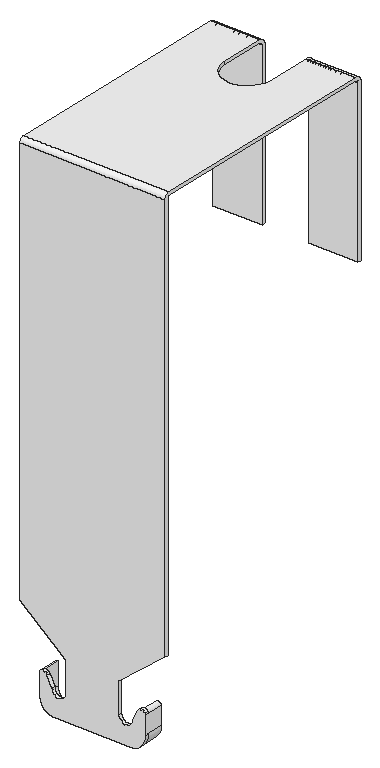
Revit family "特殊100mmSクリップ", category 機械設備, Revit 2020
Family settings
  丸型コネクタ寸法 = 直径を使用
  種別 = なし
  パーツ タイプ = 標準
  作業面ベース = いいえ
  常に垂直 = はい
  ロード時にボイドで切り取り = いいえ
  共有 = いいえ
  部屋計算ポイント = いいえ
Parameters
  製造元 = "株式会社桐井製作所"
  既定の高さ = 0 mm
  URL = "https://www.kirii.co.jp/"
  K_品名 = "特殊100mmSクリップ"
  K_名称 = "特殊クリップ"
  K_入数 = "200"
  K_バージョン情報 = "20211012"
Reference planes
  plane 1 "中心(正面/背面)": y = 0
  plane 2: z = 0
  plane 3 "中心(左/右)": x = 0
Forms (mm)
  Extrusion 1, solid
    sketch origin (0, 30, 0) x (0, 1, 0) y (0, 0, 1)
      loop
        line (-30, 0) -> (-29.4, -0.6) -> (-29.4, 108.05) -> (21, 108.05)
        arc (21, 108.05) -> (21.46, 107.86) -> (21.65, 107.4) r 0.65
        line (21.65, 107.4) -> (21.65, 72.35) -> (22.25, 72.95) -> (22.25, 107.35)
        arc (22.25, 107.35) -> (21.884, 108.234) -> (21, 108.6) r 1.25
        line (21, 108.6) -> (-29, 108.6)
        arc (-29, 108.6) -> (-29.707, 108.307) -> (-30, 107.6) r 1
        line (-30, 107.6) -> (-30, 0)
    from -15.5 to 15.5
  Extrusion 2, void
    sketch origin (0, -0.6, -0.8) x (0, 1, 0) y (0, 0, 1)
      loop
        line (0.387, 0.8) -> (0.387, -0.064) -> (1.428, -0.064) -> (1.428, 0.8) -> (0.387, 0.8)
    from -15.5 to 15.5
  Extrusion 3, void
    sketch origin (0, 0, 0) x (1, 0, 0) y (0, 0, 1)
      loop
        line (-15.5, 20) -> (-15.5, 0) -> (-7.9, 0)
        arc (-7.9, 0) -> (-10.375, 1.025) -> (-11.4, 3.5) r 3.5
        line (-11.4, 3.5) -> (-11.4, 7.4)
        arc (-11.4, 7.4) -> (-10.681, 8.244) -> (-9.734, 7.668) r 0.855
        line (-9.734, 7.668) -> (-8.65, 5.5)
        arc (-8.65, 5.5) -> (-7.15, 4) -> (-5.65, 5.5) r 1.5
        line (-5.65, 5.5) -> (-5.65, 12) -> (-15.5, 20)
      loop
        arc (11.4, 3.5) -> (10.375, 1.025) -> (7.9, 0) r 3.5
        line (7.9, 0) -> (15.5, 0) -> (15.5, 20) -> (5.65, 12) -> (5.65, 5.5)
        arc (5.65, 5.5) -> (7.15, 4) -> (8.65, 5.5) r 1.5
        line (8.65, 5.5) -> (9.734, 7.668)
        arc (9.734, 7.668) -> (10.666, 8.146) -> (11.4, 7.4) r 0.884
        line (11.4, 7.4) -> (11.4, 3.5)
    from -0.6 to 0
  Extrusion 4, void
    sketch origin (0, 39.471, 33.072) x (1, 0, 0) y (0, 1, 0)
      loop
        line (-5, 12.779) -> (-5, 1.992)
        arc (-5, 1.992) -> (0, -3.008) -> (5, 1.992) r 5
        line (5, 1.992) -> (5, 12.779) -> (-5, 12.779)
    from 39.001 to 75.528
  Extrusion 5, void
    sketch origin (0, 35.371, 48.176) x (0, 1, 0) y (0, 0, 1)
      loop
        line (15.756, 24.774) -> (15.756, 23.898) -> (16.879, 23.898) -> (16.879, 24.774) -> (15.756, 24.774)
    from -15.5 to 15.5
  Extrusion 6, solid
    sketch origin (0, 0, 0) x (1, 0, 0) y (0, 0, 1)
      loop
        arc (11.4, 7.4) -> (11.131, 7.916) -> (10.6, 8.154) r 0.884
        line (10.6, 8.154) -> (10.6, 3.5)
        arc (10.6, 3.5) -> (9.809, 1.591) -> (7.9, 0.8) r 2.7
        line (7.9, 0.8) -> (-7.9, 0.8)
        arc (-7.9, 0.8) -> (-9.809, 1.591) -> (-10.6, 3.5) r 2.7
        line (-10.6, 3.5) -> (-10.6, 8.253)
        arc (-10.6, 8.253) -> (-11.169, 7.985) -> (-11.4, 7.4) r 0.855
        line (-11.4, 7.4) -> (-11.4, 3.5)
        arc (-11.4, 3.5) -> (-10.375, 1.025) -> (-7.9, 0) r 3.5
        line (-7.9, 0) -> (7.9, 0)
        arc (7.9, 0) -> (10.375, 1.025) -> (11.4, 3.5) r 3.5
        line (11.4, 3.5) -> (11.4, 7.4)
    from -4 to -0.6
Cuts and joins
  Extrusion 2, Extrusion 3, Extrusion 4, Extrusion 5 cuts Extrusion 1
  joined: Extrusion 1, Extrusion 6
Dimensions and locks
  aligned and locked: level to plane 2
